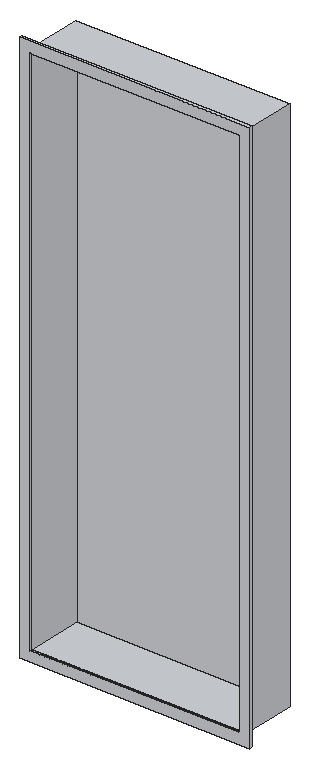
Revit family "Hager-Volta-IP30-Flush_mounted-vide-NoHosted-CH-fr", category Electrical Equipment, Revit 2020
Family settings
  Panel Configuration = Two Columns, Circuits Across
  Round Connector Dimension = Use Diameter
  Part Type = Panelboard
  Work Plane-Based = Yes
  Always vertical = Yes
  Cut with Voids When Loaded = No
  Shared = No
  Room Calculation Point = No
Parameters (values of type "Encastré  L348 H880 P94.5 12 Modules - VU60NK")
  Width Control [instance] = if([HG000006 - Encastré], if([EF000846 - largeur d'encastrement] > min_whd, [EF000846 - largeur d'encastrement], min_whd), if([EF000008 - largeur] > min_whd, ([EF000008 - largeur]), min_whd))  # 335 mm
  Void Depth [instance] = if([EF000218 - profondeur d'encastrement] > 1 mm, [EF000218 - profondeur d'encastrement], 1 mm)  # 90 mm
  Type Comments = [HG000003 - Gamme]  # "Volta"
  System Height [instance] = Height Control - 2 * [HG000005 - Epaisseur]  # 840 mm
  Panel Name [instance] = ""  # (empty or 0)
  Offset [instance] = 0 mm
  Model = [HG000004 - Référence fabricant]  # "VU60NK"
  Level Offset [instance] = [Flush Mounted - Door Frame Width] + Offset  # 34 mm
  HG000017 - Distance entre pôles = 18 mm
  HG000016 - Visibilité de la porte 3D [instance] = yes
  HG000015 - Visibilité de l'emprise de la porte [instance] = no
  HG000014 - Porte à droite [instance] = yes
  HG000013 - Porte à gauche [instance] = not([HG000014 - Porte à droite])  # no
  HG000012 - Angle de pivotement de la porte [instance] = 45.00°
  HG000011 - Rangées du bas vides = no
  HG000010 - Portes asymétriques = no
  HG000009 - Porte à double battant = no
  HG000008 - Nombre de rangées vides = 0
  HG000007 - Nombre de colonnes vides = 0
  HG000006 - Encastré = yes
  HG000005 - Epaisseur = 3 mm  # constant formula
  HG000004 - Référence fabricant = "VU60NK"
  HG000003 - Gamme = "Volta"
  HG000002 - avec porte = no
  HG000001 - nombre de colonnes = 0
  EF015941 - porte pour transmission du signal = no
  EF015777 - borne à conducteur neutre = no
  EF015776 - borne de mise à la terre = no
  EF009212 - finition du couvercle = "EV000116 - fermé"
  EF006306 - avec serrure = no
  EF006244 - couvercle/porte transparent(e) = no
  EF005474 - indice de protection (IP) = ""
  EF004462 - type de fermeture = ""
  EF002950 - largeur en nombre de modules = 12
  EF001596 - matériau du boîtier/corps = "EV000139 - plastique"
  EF001134 - rail DIN = no
  EF001131 - profondeur intérieure = 92 mm
  EF001088 - possibilité de montage en saillie = yes
  EF001062 - finition CEM = yes
  EF000846 - largeur d'encastrement = 335 mm
  EF000339 - type de capot = ""
  EF000332 - hauteur d'encastrement = 846 mm
  EF000266 - nombre de rangées = 5
  EF000218 - profondeur d'encastrement = 90 mm
  EF000118 - avec cadre/support de montage = no
  EF000116 - numéro RAL = "7035"
  EF000049 - profondeur = 94 mm
  EF000040 - hauteur = 880 mm
  EF000008 - largeur = 348 mm
  EF000007 - couleur = "EV000270 - gris"
  EF000003 - mode de pose = "EV000383 - encastré"
  Description = ""
  Default Elevation = 1219.2 mm
  Arrow Offset [instance] = Depth Control / 8  # 11.25 mm
  Arrow Height [instance] = Depth Control - Arrow Offset  # 78.75 mm
  Host Offset [instance] = if([HG000006 - Encastré], 0 mm, [EF000049 - profondeur])  # 0 mm
  min_whd [instance] = (2 * [HG000005 - Epaisseur]) + 1 mm  # 7 mm
  Manufacturer = "Hager"  # constant formula
  Height Control [instance] = if([HG000006 - Encastré], if([EF000332 - hauteur d'encastrement] > min_whd, [EF000332 - hauteur d'encastrement], min_whd), if([EF000040 - hauteur] > min_whd, ([EF000040 - hauteur]), min_whd))  # 846 mm
  Flush Mounted - Door Frame Width [instance] = if(([EF000040 - hauteur] - [EF000332 - hauteur d'encastrement]) > 0 mm, if([HG000006 - Encastré], [EF000040 - hauteur] - [EF000332 - hauteur d'encastrement], 0 mm), 0 mm)  # 34 mm
  Depth Control [instance] = if([HG000006 - Encastré], if([EF000218 - profondeur d'encastrement] > 0 mm, [EF000218 - profondeur d'encastrement], 1 mm), if([EF000049 - profondeur] > 0 mm, ([EF000049 - profondeur]), 1 mm))  # 90 mm
Types (5, lengths in mm): name | System Height | Model | Level Offset | HG000004 - Référence fabricant | EF000332 - hauteur d'encastrement | EF000266 - nombre de rangées | EF000040 - hauteur | EF000008 - largeur | Height Control | Flush Mounted - Door Frame Width
  Encastré  L330 H355 P94.5 12 Modules - VU12NK | 340 | "VU12NK" | 9 | "VU12NK" | 346 | 1 | 355 | 330 | 346 | 9
  Encastré  L330 H484 P94.5 12 Modules - VU24NK | 465 | "VU24NK" | 13 | "VU24NK" | 471 | 2 | 484 | 330 | 471 | 13
  Encastré  L330 H609 P94.5 12 Modules - VU36NK | 590 | "VU36NK" | 13 | "VU36NK" | 596 | 3 | 609 | 330 | 596 | 13
  Encastré  L330 H734 P94.5 12 Modules - VU48NK | 715 | "VU48NK" | 13 | "VU48NK" | 721 | 4 | 734 | 330 | 721 | 13
  Encastré  L348 H880 P94.5 12 Modules - VU60NK | 840 | "VU60NK" | 34 | "VU60NK" | 846 | 5 | 880 | 348 | 846 | 34
Reference planes
  plane 1 "Center (Front/Back)": y = 0
  plane 2: z = 0
  plane 3 "Center (Left/Right)": x = 0
  plane 4: y = 37
  plane 5: y = 90
  plane 6: y = 34
  plane 7: z = 0
  plane 8: x = -167.5
  plane 9: x = 167.5
  plane 10: x = 164.5
  plane 11: x = -164.5
  plane 12: z = 34
  plane 13: z = 37
  plane 14: y = 5
  plane 15: y = 0
  plane 16: y = 87
  plane 17: z = 877
  plane 18: z = 880
  plane 19: z = 457
  plane 20: x = 0
  plane 21: y = -100
Forms (mm)
  Extrusion 1, solid
    sketch origin (-208.679, -4572, 34) x (-1, 0, 0) y (0, -1, 0)
      loop
        line (-41.179, -4572) -> (-376.179, -4572) -> (-376.179, -4662) -> (-41.179, -4662) -> (-41.179, -4572)
    from 0 to 846 <- "Height Control"
  Extrusion 2, void
    sketch origin (-350.771, 0, 1219.2) x (1, 0, 0) y (0, 0, 1)
      loop
        line (186.271, -342.2) -> (186.271, -1182.2) -> (515.271, -1182.2) -> (515.271, -342.2) -> (186.271, -342.2)
    from 0 to -87
  Extrusion 3, solid, detail levels coarse+medium
    sketch origin (-350.771, 0, 1219.2) x (-1, 0, 0) y (0, 0, 1)
      loop
        line (-186.271, -342.2) -> (-515.271, -342.2) -> (-515.271, -1182.2) -> (-186.271, -1182.2) -> (-186.271, -342.2)
    from 0 to 3 <- "HG000005 - Epaisseur"
Cuts and joins
  Extrusion 2 cuts Extrusion 1
Dimensions and locks
  "Flush Mounted - Door Frame Width": plane 1 "Center (Front/Back)" to plane 6
  "HG000005 - Epaisseur": plane 4 to plane 6
  "HG000005 - Epaisseur": plane 8 to plane 11
  "HG000005 - Epaisseur": plane 9 to plane 10
  equal spacing: plane 8, plane 3 "Center (Left/Right)", plane 9
  "Width Control": plane 8 to plane 9
  locked: plane 14 to plane 15 at 5
  "Host Offset": plane 1 "Center (Front/Back)" to plane 15
  "Depth Control": plane 5 to plane 15
  "HG000005 - Epaisseur": plane 5 to plane 16
  "HG000005 - Epaisseur": plane 13 to plane 12
  "Level Offset": plane 12 to level
  "HG000005 - Epaisseur": plane 18 to plane 17
  "Height Control": plane 18 to plane 12
  "Arrow Offset": plane 5 to nested 4
  equal spacing: plane 18, plane 19, plane 12
  locked: connector elem to plane 19
  locked: connector elem to plane 3 "Center (Left/Right)"
  aligned and locked: nested 1 to plane 14
  aligned and locked: plane 3 "Center (Left/Right)" to nested 1
  aligned and locked: plane 3 "Center (Left/Right)" to nested 2
  aligned and locked: nested 2 to plane 15
  aligned and locked: plane 5 to Extrusion 1
  aligned and locked: Extrusion 3 sketch curve to plane 17
  aligned and locked: Extrusion 3 sketch curve to plane 11
  aligned and locked: plane 13 to Extrusion 3 sketch curve
  aligned and locked: Extrusion 3 sketch curve to plane 10
  aligned and locked: plane 13 to Extrusion 2 sketch curve
  aligned and locked: Extrusion 2 sketch curve to plane 10
  aligned and locked: Extrusion 2 sketch curve to plane 17
  aligned and locked: Extrusion 2 sketch curve to plane 11
  aligned and locked: plane 16 to Extrusion 2
  aligned and locked: plane 5 to Extrusion 1 sketch curve
  aligned and locked: plane 9 to Extrusion 1 sketch curve
  aligned and locked: plane 8 to Extrusion 1 sketch curve
  aligned and locked: plane 8 to nested 4
  aligned and locked: plane 8 to nested 3
  aligned and locked: nested 3 to plane 5
  aligned and locked: Extrusion 1 sketch curve to plane 15
  aligned and locked: Extrusion 2 to plane 15
Nested families
  nested 1: "Hager_Enclosure_System" at (0, 5, 37), Flush_Mounted <- "HG000006 - Encastré", Width <- "EF000008 - largeur", Height <- "System Height", Width_Control <- "Width Control", Row_Module_Multiplicator <- "EF002950 - largeur en nombre de modules", Empty_Columns <- "HG000007 - Nombre de colonnes vides", Built-in_Width <- "EF000846 - largeur d'encastrement", Border <- "HG000005 - Epaisseur", Total_No_Empty_Rows <- "HG000008 - Nombre de rangées vides", Depth <- "HG000005 - Epaisseur", Empty_Rows_From_Bottom <- "HG000011 - Rangées du bas vides", Distance_Between_Poles <- "HG000017 - Distance entre pôles", Rows_Count <- "EF000266 - nombre de rangées", Columns_Count <- "HG000001 - nombre de colonnes", type "Hager_Enclosure_System", detail levels medium+fine
    with Width_Control 335 mm, Width 348 mm, Total_No_Rows 5, Total_No_Empty_Rows 0, Total_No_Columns 1, System_Width 329 mm, Rows_Count 5, Rows_Column 5, Row_Module_Multiplicator 12, Panel_4 no, Panel_3 no, Panel_2 no, Panel_1 no, No_Panels_Ctrl 1, Hide_Columns yes, Height 840 mm, Flush_Mounted yes, Empty_Rows_From_Bottom no, Empty_Rows_Column 0, Empty_Columns 0, Distance_Between_Poles 18 mm, Depth 3 mm, Columns_Count 0, Column_Width 329 mm, Built-in_Width 335 mm, Border 3 mm
  nested 2: "Hager_Enclosure_Door" at (0, 0, 34), Double <- "HG000009 - Porte à double battant", Height_Ctrl <- "Height Control", Transparent <- "EF006244 - couvercle/porte transparent(e)", Depth <- "EF000049 - profondeur", Height <- "EF000040 - hauteur", Angle <- "HG000012 - Angle de pivotement de la porte", Door_Right <- "HG000014 - Porte à droite", Assymetrical <- "HG000010 - Portes asymétriques", Flush_Mounted <- "HG000006 - Encastré", BuiltIn_Depth <- "EF000218 - profondeur d'encastrement", BuiltIn_Width <- "EF000846 - largeur d'encastrement", Door <- "HG000002 - avec porte", Width_Ctrl <- "Width Control", 3d_Door <- "HG000016 - Visibilité de la porte 3D", Width <- "EF000008 - largeur", Border <- "HG000005 - Epaisseur", BuiltIn_Height <- "EF000332 - hauteur d'encastrement", Clearance <- "HG000015 - Visibilité de l'emprise de la porte", Door_Left <- "HG000013 - Porte à gauche", type "Hager_Enclosure_Door", detail levels medium+fine
    with min_wh 7 mm, Width_Ctrl 335 mm, Width 348 mm, Transparent_Door_No_Bottom_Border no, Transparent no, Leaf_Width 326 mm, Leaf_Tolerance 1.5 mm, Leaf_Height 837 mm, Leaf_2_Width 326 mm, Leaf_2_Offset 163 mm, Leaf_1_Width 326 mm, Leaf_1_Offset 163 mm, Height_Ctrl 846 mm, Height 880 mm, Frame_Width_Ctrl 13 mm, Frame_Width 13 mm, Frame_Internal_Offset 3 mm, Frame_Height_Ctrl 34 mm, Frame_Height 34 mm, Frame_Depth_Ctrl 4 mm, Frame_Depth 4 mm, Flush_Mounted yes, Double_Clearance_Ctrl no, Double no, Door_Right_Ctrl no, Door_Right yes, Door_Left_Ctrl no, Door_Left no, Door no, Depth 94 mm, Clearance_Depth 326 mm, Clearance_Ctrl no, Clearance no, BuiltIn_Width 335 mm, BuiltIn_Height 846 mm, BuiltIn_Depth 90 mm, Border 3 mm, Assymetrical no, Angle 45.00°, 3d_Door yes
  nested 3: "Hager_Enclosure_Symbol_Triangle" at (-167.5, 90, 0), Depth <- "Depth Control", Width <- "Width Control", type "Hager_Enclosure_Symbol_Triangle"
    with Width_Ctrl 335 mm, Width 335 mm, Depth_Ctrl 90 mm, Depth 90 mm
  nested 4: "Hager_Enclosure_Symbol_Arrow" at (-167.5, 78.75, 0), Height <- "Arrow Height", type "Hager_Enclosure_Symbol_Arrow"
    with Width_Inside 5.906 mm, Width 70.875 mm, Height_Ctrl 78.75 mm, Height 78.75 mm
Connectors
  electrical at (0, 90, 457)
    settings: on plane 5, index 1, voltage 0 V, apparent load 0 VA, apparent load phase1 0 VA, apparent load phase2 0 VA, apparent load phase3 0 VA, power factor 1, load classification "Other", number of poles 1, system type 30, power factor state 1, is connector primary yes, connector utility no, sub classification motor no, connector description ""
Definition of nested family "Hager_Enclosure_Door"
  Parameters (values of type "Hager_Enclosure_Door")
    min_wh [instance] = (2 * Border) + 1 mm  # 11 mm
    Width_Ctrl [instance] = 400 mm
    Width [instance] = 500 mm
    Transparent_Door_No_Bottom_Border [instance] = no
    Transparent [instance] = yes
    Leaf_Width [instance] = if((Width_Ctrl - 2 * Border - 2 * Leaf_Tolerance) > 0 mm, (Width_Ctrl - 2 * Border - 2 * Leaf_Tolerance), min_wh)  # 387 mm
    Leaf_Tolerance [instance] = 1.5 mm  # constant formula
    Leaf_Height [instance] = if((Height_Ctrl - 2 * Border - 2 * Leaf_Tolerance) > 0 mm, (Height_Ctrl - 2 * Border - 2 * Leaf_Tolerance), min_wh)  # 387 mm
    Leaf_2_Width [instance] = if(and(and(Double, Assymetrical), Door_Left), (Leaf_Width / 3) - (Leaf_Tolerance / 2), if(and(and(Double, Assymetrical), Door_Right), (Leaf_Width / 3) * 2 - (Leaf_Tolerance / 2), if(and(Double, not(Assymetrical)), (Leaf_Width / 2) - Leaf_Tolerance, Leaf_Width)))  # 387 mm
    Leaf_2_Offset [instance] = if(and(Double, Assymetrical), Leaf_2_Width / 2, if(and(Double, not(Assymetrical)), Leaf_Width / 4, Leaf_Width / 2))  # 193.5 mm
    Leaf_1_Width [instance] = if(and(and(Double, Assymetrical), Door_Right), (Leaf_Width / 3) - (Leaf_Tolerance / 2), if(and(and(Double, Assymetrical), Door_Left), (Width / 3) * 2 - (Leaf_Tolerance / 2), if(and(Double, not(Assymetrical)), (Leaf_Width / 2) - Leaf_Tolerance, Leaf_Width)))  # 387 mm
    Leaf_1_Offset [instance] = if(and(Double, Assymetrical), Leaf_1_Width / 2, if(and(Double, not(Assymetrical)), Leaf_Width / 4, Leaf_Width / 2))  # 193.5 mm
    Height_Ctrl [instance] = 400 mm
    Height [instance] = 500 mm
    Frame_Width_Ctrl [instance] = if(Frame_Width > 0 mm, Frame_Width, 1 mm)  # 1 mm
    Frame_Width [instance] = Width - BuiltIn_Width  # 0 mm
    Frame_Internal_Offset [instance] = if(Flush_Mounted, Border, 0 mm)  # 5 mm
    Frame_Height_Ctrl [instance] = if(Frame_Height > 0 mm, Frame_Height, 1 mm)  # 1 mm
    Frame_Height [instance] = Height - BuiltIn_Height  # 0 mm
    Frame_Depth_Ctrl [instance] = if(Frame_Depth > 0 mm, Frame_Depth, 1 mm)  # 1 mm
    Frame_Depth [instance] = if(Depth - BuiltIn_Depth > 0 mm, if(Flush_Mounted, Depth - BuiltIn_Depth, 0 mm), 0 mm)  # 0 mm
    Flush_Mounted [instance] = yes
    Double_Clearance_Ctrl [instance] = and(Double, Clearance)  # no
    Double [instance] = no
    Door_Right_Ctrl [instance] = and(or(Door_Right, Double), Door)  # yes
    Door_Right [instance] = yes
    Door_Left_Ctrl [instance] = and(or(Door_Left, Double), Door)  # no
    Door_Left [instance] = no
    Door [instance] = yes
    Depth [instance] = 500 mm
    Default Elevation = 1219.2 mm
    Clearance_Material = none
    Clearance_Depth [instance] = if(Leaf_1_Width > Leaf_2_Width, Leaf_1_Width, Leaf_2_Width)  # 387 mm
    Clearance_Ctrl [instance] = and(not(Double), Clearance)  # yes
    Clearance [instance] = yes
    BuiltIn_Width [instance] = 500 mm
    BuiltIn_Height [instance] = 500 mm
    BuiltIn_Depth [instance] = 500 mm
    Border [instance] = 5 mm
    Assymetrical [instance] = yes
    Angle [instance] = 30.00°
    3d_Door [instance] = yes
  Reference planes
    plane 1 "Center (Front/Back)": y = 0
    plane 2 "Bottom": z = 0
    plane 3 "Center (Left/Right)": x = 0
    plane 4: z = 400
    plane 5: x = -200
    plane 6: x = 200
    plane 7: z = 395
    plane 8: x = -195
    plane 9: z = 5
    plane 10: x = 195
    plane 11: y = 0
    plane 12: z = 6.5
    plane 13: x = -582
    plane 14: y = -387
    plane 15: x = 582
    plane 16: x = 0
    plane 17: x = 0
    plane 18: x = -193.5
    plane 19: x = 193.5
    plane 20: z = 393.5
  Forms (mm)
    Extrusion 1, solid, visible <- "Flush_Mounted"
      sketch origin (0, 0, 0) x (1, 0, 0) y (0, 0, 1)
        loop
          line (195, 5) -> (195, 395) -> (-195, 395) -> (-195, 5) -> (195, 5)
        loop
          line (-201, 401) -> (-201, -1) -> (201, -1) -> (201, 401) -> (-201, 401)
      from 0 to 1 <- "Frame_Depth_Ctrl"
    Extrusion 2, solid, material <- "Clearance_Material", visible <- "Double_Clearance_Ctrl"
      sketch origin (1200, 0, 0) x (1, 0, 0) y (0, 0, -1)
        loop
          line (-1782, -393.5) -> (-618, -393.5) -> (-618, 0) -> (-1782, 0) -> (-1782, -393.5)
      from 0 to -387
  Dimensions and locks
    equal spacing: plane 5, plane 3 "Center (Left/Right)", plane 6
    "Width_Ctrl": plane 5 to plane 6
    "Border": plane 5 to plane 8
    "Border": plane 6 to plane 10
    "Border": plane 9 to level
    "Border": plane 4 to plane 7
    "Height_Ctrl": plane 4 to level
    "Leaf_Tolerance": plane 12 to plane 9
    "Frame_Depth": plane 11 to plane 1 "Center (Front/Back)"
    "Frame_Width_Ctrl": plane 5 to Extrusion 1 sketch curve
    "Frame_Width_Ctrl": plane 6 to Extrusion 1 sketch curve
    "Frame_Width_Ctrl": Extrusion 1 sketch curve to plane 4
    "Frame_Width_Ctrl": plane 2 "Bottom" to Extrusion 1 sketch curve
    "Leaf_1_Offset": plane 18 to plane 16
    "Leaf_2_Offset": plane 17 to plane 19
    "Leaf_1_Width": plane 13 to plane 8
    "Leaf_2_Width": plane 10 to plane 15
    "Clearance_Depth": plane 14 to plane 1 "Center (Front/Back)"
    "Leaf_Tolerance": plane 8 to plane 18
    "Leaf_Tolerance": plane 19 to plane 10
    "Leaf_Tolerance": plane 7 to plane 20
    "Frame_Internal_Offset": plane 5 to Extrusion 1 sketch curve
    "Frame_Internal_Offset": Extrusion 1 sketch curve to plane 2 "Bottom"
    "Frame_Internal_Offset": plane 6 to Extrusion 1 sketch curve
    "Frame_Internal_Offset": plane 4 to Extrusion 1 sketch curve
    aligned and locked: level to plane 2 "Bottom"
    aligned and locked: nested 1 to plane 16
    aligned and locked: nested 2 to plane 17
    aligned and locked: Extrusion 2 to plane 13
    aligned and locked: plane 15 to Extrusion 2
    aligned and locked: Extrusion 2 to plane 14
    aligned and locked: plane 12 to nested 1
    aligned and locked: nested 2 to plane 12
    aligned and locked: Extrusion 2 to plane 11
    aligned and locked: plane 20 to Extrusion 2
    aligned and locked: nested 2 to plane 11
    aligned and locked: nested 1 to plane 11
  Automatic sketch dimensions
    Extrusion 2 sketch curve to level = 0 mm
    plane 5 to Extrusion 2 sketch curve = 382 mm
    plane 6 to Extrusion 2 sketch curve = 382 mm
    Extrusion 2 sketch curve to plane 4 = 6.5 mm
  Nested families
    nested 1: "Hager_Enclosure_Door_Leaf" at (0, 0, 6.5), Width <- "Leaf_1_Width", visible <- "Door_Left_Ctrl", Leaf_Height <- "Leaf_Height", Angle <- "Angle", Depth <- "Border", 3d_Door <- "3d_Door", Transparent <- "Transparent", Clearance Material <- "Clearance_Material", Clearance <- "Clearance_Ctrl", Transparent_Door_No_Bottom_Border <- "Transparent_Door_No_Bottom_Border", type "Hager_Enclosure_Door_Leaf"
      with Width 387 mm, Transparent_Door_No_Bottom_Border no, Transparent_Door_Border_Bottom_Top 25 mm, Transparent_Door_Border 25 mm, Transparent_Ctrl yes, Transparent yes, Standard no, Leaf_Height 387 mm, Glass_Offset 1 mm, Depth 5 mm, Clearance Material none, Clearance yes, Angle_Ctrl 30.00°, Angle 30.00°, 3d_Door yes
    nested 2: "Hager_Enclosure_Door_Leaf" at (0, 0, 6.5) x (-1, 0, 0) z (0, 0, 1), Width <- "Leaf_2_Width", visible <- "Door_Right_Ctrl", Leaf_Height <- "Leaf_Height", Angle <- "Angle", Depth <- "Border", 3d_Door <- "3d_Door", Transparent <- "Transparent", Clearance Material <- "Clearance_Material", Clearance <- "Clearance_Ctrl", Transparent_Door_No_Bottom_Border <- "Transparent_Door_No_Bottom_Border", type "Hager_Enclosure_Door_Leaf"
      with Width 387 mm, Transparent_Door_No_Bottom_Border no, Transparent_Door_Border_Bottom_Top 25 mm, Transparent_Door_Border 25 mm, Transparent_Ctrl yes, Transparent yes, Standard no, Leaf_Height 387 mm, Glass_Offset 1 mm, Depth 5 mm, Clearance Material none, Clearance yes, Angle_Ctrl 30.00°, Angle 30.00°, 3d_Door yes
  Definition of nested family "Hager_Enclosure_Door_Leaf"
    Parameters (values of type "Hager_Enclosure_Door_Leaf")
      Width [instance] = 2000 mm
      Transparent_Door_No_Bottom_Border [instance] = yes
      Transparent_Door_Border_Bottom_Top [instance] = if(Transparent_Door_No_Bottom_Border, 0.1 mm, Transparent_Door_Border)  # 0.1 mm
      Transparent_Door_Border [instance] = if(Transparent_Door_No_Bottom_Border, (Width * 0.12), 25 mm)  # 240 mm
      Transparent_Ctrl [instance] = and(Transparent, [3d_Door])  # yes
      Transparent [instance] = yes
      Standard [instance] = and(not(Transparent), [3d_Door])  # no
      Leaf_Height [instance] = 2720.336 mm
      Glass_Offset [instance] = if((Depth - 10 mm) / 2 > 0 mm, (Depth - 10 mm) / 2, 1 mm)  # 15 mm
      Glass_Material = none
      Depth [instance] = 40 mm
      Default Elevation = 0 mm
      Clearance Material [instance] = none
      Clearance [instance] = yes
      Angle_Ctrl [instance] = if(Angle > 170.00°, 170.00°, Angle)  # 45.00°
      Angle [instance] = 45.00°
      3d_Door [instance] = yes
    Reference planes
      plane 1 "Center (Front/Back)": y = 0
      plane 2: z = 0
      plane 3 "Center (Left/Right)": x = 0
      plane 4: y = 2000
      plane 5: x = -1000
      plane 6: x = 1000
      plane 7: x = -3000
      plane 8: z = 2720.336
      plane 9: z = 0.1
      plane 10: z = 2720.236
      plane 11: x = 760
      plane 12: x = -760
    Forms (mm)
      Extrusion 1, solid, material <- "Clearance Material", visible <- "Clearance"
        sketch origin (0, 0, 0) x (1, 0, 0) y (0, 0, 1)
          loop
            line (-3000, 2720.336) -> (-3000, 0) -> (1000, 0) -> (1000, 2720.336) -> (-3000, 2720.336)
        from 0 to -2000
      Extrusion 2, solid, visible <- "Standard", detail levels medium+fine
        sketch origin (-1000, 0, 0) x (0.707107, 0.707107, 0) y (-0.707107, 0.707107, 0)
          loop
            line (0, -40) -> (2000, -40) -> (2000, 0) -> (0, 0) -> (0, -40)
        from 0 to 2720.336 <- "Leaf_Height"
      Extrusion 3, solid, visible <- "Transparent_Ctrl", detail levels medium+fine
        sketch origin (-1000, 0, 0) x (0.707107, 0.707107, 0) y (-0.707107, 0.707107, 0)
          loop
            line (0, -40) -> (2000, -40) -> (2000, 0) -> (0, 0) -> (0, -40)
        from 0 to 2720.336 <- "Leaf_Height"
      Extrusion 4, void, detail levels medium+fine
        sketch origin (-1000, 0, 0) x (-0.707107, 0.707107, 0) y (0.707107, 0.707107, 0)
          loop
            line (0, 240) -> (0, 1760) -> (-40, 1760) -> (-40, 240) -> (0, 240)
        from -2720.236 to -0.1
      Extrusion 5, solid, material <- "Glass_Material", visible <- "Transparent_Ctrl", detail levels medium+fine
        sketch origin (-1000, 0, 0) x (0.707107, 0.707107, 0) y (-0.707107, 0.707107, 0)
          loop
            line (240, -15) -> (240, -25) -> (1760, -25) -> (1760, -15) -> (240, -15)
        from 0.1 to 2720.236
    Cuts and joins
      Extrusion 4 cuts Extrusion 3
    Lines and regions (mm)
      symbolic lines
        curve 1: line (1000, 0, 0) -> (-3000, 0, 0)
        curve 2: arc (1000, 0, 0) -> (-1000, 2000, 0) -> (-3000, 0, 0) r 2000
        curve 4: line (-1000, 0, 0) -> (414.214, 1414.214, 0)
      reference lines
        curve 3: line (-1000, 0, 0) -> (414.214, 1414.214, 0)
      symbolic lines, detail levels medium+fine
        curve 5: line (414.214, 1414.214, 0) -> (442.498, 1385.929, 0)
        curve 6: line (442.498, 1385.929, 0) -> (-971.716, -28.284, 0)
        curve 7: line (-971.716, -28.284, 0) -> (-1000, 0, 0)
        curve 8: line (-1000, 0, 2720.336) -> (1000, 0, 2720.336)
        curve 9: line (-1000, 0, 0) -> (-1000, 0, 2720.336)
        curve 10: line (1000, 0, 0) -> (-1000, 0, 0)
        curve 11: line (1000, 0, 2720.336) -> (1000, 0, 0)
      symbolic lines, visible <- "Transparent_Ctrl", detail levels medium+fine
        curve 12: line (-760, 0, 2720.236) -> (760, 0, 2720.236)
        curve 13: line (-760, 0, 0.1) -> (-760, 0, 2720.236)
        curve 14: line (760, 0, 0.1) -> (-760, 0, 0.1)
        curve 15: line (760, 0, 2720.236) -> (760, 0, 0.1)
    Dimensions and locks
      "Width": plane 1 "Center (Front/Back)" to plane 4
      equal spacing: plane 5, plane 3 "Center (Left/Right)", plane 6
      "Width": plane 5 to plane 6
      "Width": plane 7 to plane 5
      "Leaf_Height": plane 8 to level
      "Depth": curve 6 to curve 3
      "Width": curve 5 to curve 3
      "Width": curve 3 to curve 3
      "Transparent_Door_Border": Extrusion 4 sketch curve to curve 7
      "Transparent_Door_Border": Extrusion 4 sketch curve to curve 5
      "Transparent_Door_Border_Bottom_Top": plane 8 to plane 10
      "Transparent_Door_Border_Bottom_Top": plane 9 to level
      "Glass_Offset": Extrusion 5 sketch curve to curve 4
      "Glass_Offset": Extrusion 5 sketch curve to curve 6
      "Transparent_Door_Border": Extrusion 5 sketch curve to curve 5
      "Transparent_Door_Border": Extrusion 5 sketch curve to curve 7
      "Transparent_Door_Border": plane 12 to plane 5
      "Transparent_Door_Border": plane 6 to plane 11
      "Angle_Ctrl": angle plane 1 "Center (Front/Back)" to curve 3
      aligned and locked: level to plane 2
      aligned and locked: Extrusion 1 to curve 1
      aligned and locked: plane 6 to Extrusion 1
      aligned and locked: Extrusion 1 to plane 1 "Center (Front/Back)"
      aligned and locked: plane 4 to Extrusion 1
      aligned and locked: plane 8 to Extrusion 1
      aligned and locked: curve 4 to curve 3
      aligned and locked: Extrusion 2 sketch curve to curve 7
      aligned and locked: Extrusion 2 sketch curve to curve 6
      aligned and locked: Extrusion 2 sketch curve to curve 5
      aligned and locked: Extrusion 2 sketch curve to curve 3
      aligned and locked: curve 7 to Extrusion 3 sketch curve
      aligned and locked: Extrusion 3 sketch curve to curve 4
      aligned and locked: Extrusion 3 sketch curve to curve 6
      aligned and locked: Extrusion 3 sketch curve to curve 5
      aligned and locked: curve 4 to Extrusion 4 sketch curve
      aligned and locked: curve 6 to Extrusion 4 sketch curve
      aligned and locked: Extrusion 4 to plane 9
      aligned and locked: Extrusion 4 to plane 10
      aligned and locked: Extrusion 5 to plane 9
      aligned and locked: Extrusion 5 to plane 10
      aligned and locked: curve 8 to plane 8
      aligned and locked: plane 5 to curve 9
      aligned and locked: plane 2 to curve 10
      aligned and locked: curve 11 to plane 6
      aligned and locked: plane 10 to curve 12
      aligned and locked: plane 12 to curve 13
      aligned and locked: curve 14 to plane 9
      aligned and locked: plane 11 to curve 15
    Automatic sketch dimensions
      plane 1 "Center (Front/Back)" to curve 2 = 0 mm
      curve 2 to plane 5 = 0 mm
      Extrusion 1 sketch curve to level = 0 mm
      Extrusion 1 sketch curve to plane 7 = 0 mm
      Extrusion 1 sketch curve to plane 6 = 0 mm
      Extrusion 1 sketch curve to plane 8 = 0 mm
      plane 1 "Center (Front/Back)" to curve 3 = 0 mm
      curve 3 to plane 5 = 0 mm
      curve 7 to curve 3 = 0 mm
Definition of nested family "Hager_Enclosure_Symbol_Triangle"
  Parameters (values of type "Hager_Enclosure_Symbol_Triangle")
    Width_Ctrl [instance] = if(Width > 1 mm, Width, 1 mm)  # 498 mm
    Width [instance] = 498 mm
    Depth_Ctrl [instance] = if(Depth > 1 mm, Depth, 1 mm)  # 72 mm
    Depth [instance] = 72 mm
  Reference planes
    plane 1 "Centre (avant/arrière)": y = 0
    plane 2: z = 0
    plane 3 "Centre (gauche/droite)": x = 0
  Lines and regions (mm)
    Filled region 1, type "Solid_Black", in view "Niveau de réf."
      outline origin (0, 0, 0) x (1, 0, 0) y (0, 1, 0)
        loop
          line (0, 0) -> (498, 0) -> (498, 72) -> (0, 0)
    reference lines, in view "Niveau de réf."
      curve 1: line (-206.153, 72, 0) -> (1083.258, 72, 0)
      curve 2: line (498, 405.456, 0) -> (498, -517.619, 0)
  Dimensions and locks
    "Depth_Ctrl": plane 1 "Centre (avant/arrière)" to curve 1
    "Width_Ctrl": plane 3 "Centre (gauche/droite)" to curve 2
    aligned and locked: curve 1 to Filled region 1 sketch curve
    aligned and locked: Filled region 1 sketch curve to plane 1 "Centre (avant/arrière)"
    aligned and locked: curve 2 to Filled region 1 sketch curve
    aligned and locked: plane 3 "Centre (gauche/droite)" to Filled region 1 sketch curve
    aligned and locked: plane 1 "Centre (avant/arrière)" to Filled region 1 sketch curve
  Automatic sketch dimensions
    curve 1 to plane 3 "Centre (gauche/droite)" = 206.153 mm
    curve 2 to curve 1 = 585.258 mm
    plane 1 "Centre (avant/arrière)" to curve 2 = 517.619 mm
    curve 2 to plane 1 "Centre (avant/arrière)" = 405.456 mm
Definition of nested family "Hager_Enclosure_Symbol_Arrow"
  Parameters (values of type "Hager_Enclosure_Symbol_Arrow")
    Width_Inside [instance] = if(Width / 12 > 2 mm, Width / 12, 2 mm)  # 4.987 mm
    Width [instance] = if(Height_Ctrl * 0.9 > 2 mm, Height_Ctrl * 0.9, 2 mm)  # 59.85 mm
    Height_Ctrl [instance] = if(Height > 2 mm, Height, 2 mm)  # 66.5 mm
    Height [instance] = 66.5 mm
  Reference planes
    plane 1 "Centre (avant/arrière)": y = 0
    plane 2: z = 0
    plane 3 "Centre (gauche/droite)": x = 0
    plane 4: x = 59.85
    plane 5: y = 28.263
    plane 6: y = 38.238
    plane 7: y = 66.5
    plane 8: x = 29.925
    plane 9: y = 33.25
  Lines and regions (mm)
    Filled region 1, type "Solid_Black", in view "Niveau de réf."
      outline origin (0, 0, 0) x (1, 0, 0) y (0, 1, 0)
        loop
          line (59.85, 66.5) -> (37.929, 52.827) -> (51.846, 41.935) -> (59.85, 66.5)
    detail lines, in view "Niveau de réf."
      curve 1: line (0, 0, 0) -> (29.925, 38.238, 0)
      curve 2: line (29.925, 38.238, 0) -> (29.925, 28.263, 0)
      curve 3: line (29.925, 28.263, 0) -> (59.85, 66.5, 0)
  Dimensions and locks
    "Width": plane 3 "Centre (gauche/droite)" to plane 4
    "Height_Ctrl": plane 7 to plane 1 "Centre (avant/arrière)"
    equal spacing: plane 3 "Centre (gauche/droite)", plane 8, plane 4
    equal spacing: plane 7, plane 9, plane 1 "Centre (avant/arrière)"
    equal spacing: plane 6, plane 9, plane 5
    "Width_Inside": plane 6 to plane 9
    equal spacing: curve 3, Filled region 1 sketch curve, Filled region 1 sketch curve
    angle Filled region 1 sketch curve to curve 3 = 20.00°
    angle curve 3 to Filled region 1 sketch curve = 20.00°
    locked: curve 3 to Filled region 1 sketch curve (angle 90.00°)
  Automatic sketch dimensions
    plane 1 "Centre (avant/arrière)" to curve 1 = 0 mm
    curve 1 to plane 3 "Centre (gauche/droite)" = 0 mm
    curve 2 to plane 6 = 0 mm
    curve 3 to plane 8 = 0 mm
    curve 3 to plane 4 = 0 mm
    curve 2 to plane 5 = 0 mm
    curve 3 to plane 7 = 0 mm
    Filled region 1 sketch curve to plane 4 = 0 mm
    Filled region 1 sketch curve to plane 7 = 0 mm
